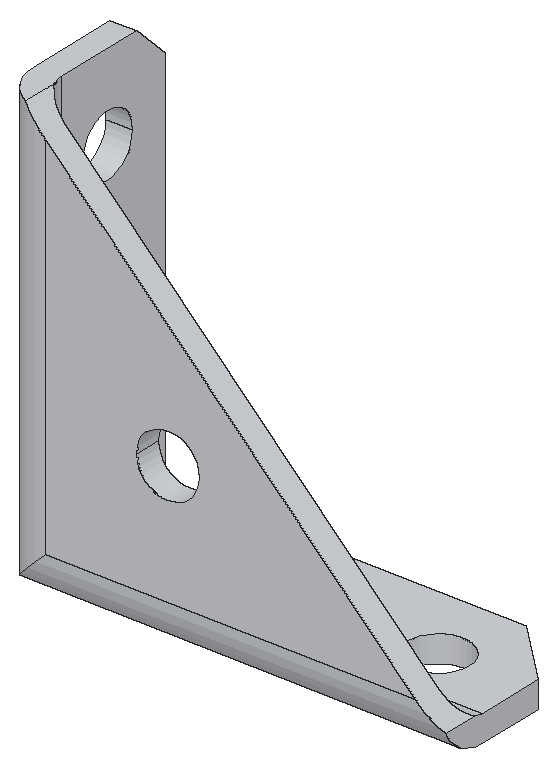
Revit family "Fitting-Ninety_Degree_Angle-Unistrut-P2484W", category Specialty Equipment, Revit 2012
Parameters
  ecoScorecard_data = "http://products.ecoscorecard.com/atkore/P2484W"
  ecoScorecard Product Page = "http://products.ecoscorecard.com/atkore/P2484W?action=html"
  Weight Per Piece = 1.34 lbf
  Unit = none
  Unistrut Part Number = "P2484W"  # constant formula
  URL = "http://unistrut.us/index.php"
  Thickness = 1/4"
  Subcategory = "Nintey Degree Angle Fittings"
  Product Page URL = "http://unistrut.us/index.php?WP=cat_detail&S=S05&P=P2484W"
  Part Type = "Fitting"  # constant formula
  Overall Width = 1 5/8"
  Overall Length = 4"
  Overall Height = 4"
  Model = "P2484W"
  Material = ""
  Manufacturer Phone - Toll Free = "800-882-5543"  # constant formula
  Manufacturer Phone = "708-339-1610"  # constant formula
  Manufacturer Fax = "708-339-7814"  # constant formula
  Manufacturer Email = "mailto:jshaw@atkore.com"
  Manufacturer Address = "16100 South Lathrop Avenue, Harvey, IL 60426"  # constant formula
  Manufacturer = "Unistrut by Atkore International"  # constant formula
  Load Capacity Note = "Visit the product page for load application and capacity."  # constant formula
  Literature URL = "http://unistrut.us/index.php?WP=LItLibrary"
  Hole Radius = Hole Diameter / 2  # 9/32"
  Hole Diameter = 9/16"
  Default Elevation = 0"
  Cost Info = "mailto:jshaw@atkore.com"
  Category = "Specialty Equipment"  # constant formula
  CAD URL = "http://unistrut.us/index.php?WP=CAD3d"
  Assembly Code = "D5020100"
  95 CSI = "16070"  # constant formula
  04 CSI = "26 05 48"  # constant formula
Reference planes (in)
  plane 1 "Center (Front/Back)": y = 0
  plane 2: z = 0
  plane 3 "Center (Left/Right)": x = 0
  plane 4: z = 4
  plane 5: x = 1.99213
  plane 6: x = -2.00787
  plane 7: y = 0.68501
  plane 8: y = -0.93999
  plane 9: x = 1.21865
  plane 10: x = -0.39184
  plane 11: x = -1.20043
  plane 12: z = 1.56891
  plane 13: x = -0.43886
Dimensions and locks (in)
  "Overall Width": plane 7 to plane 8
  "Overall Length": plane 6 to plane 5
  "Overall Height": plane 4 to plane 2
  aligned and locked: level to plane 2
Nested families (in)
  nested 1: "Fitting" at (0, -0.93999, 0) x (-1, 0, 0) z (0, 0, 1), type "Fitting"
Definition of nested family "Fitting"
  Parameters (values of type "Fitting")
    ecoScorecard_data = "http://products.ecoscorecard.com/atkore/P2094"
    ecoScorecard Product Page = "http://products.ecoscorecard.com/atkore/P2094?action=html"
    Unit = none
    URL = "http://unistrut.us/index.php"
    Thickness = 1/4"
    Overall Width = 1 5/8"
    Overall Length = 4"
    Overall Height = 4"
    Model = "P2270"
    Material = ""
    Manufacturer = "Atkore International"  # constant formula
    Load Capacity Note = "Visit the product page for load application and capacity."  # constant formula
    Literature URL = "http://unistrut.us/index.php?WP=LItLibrary"
    Hole Radius = Hole Diameter / 2  # 9/32"
    Hole Diameter = 9/16"
    Default Elevation = 48"
    CAD URL = "http://unistrut.us/index.php?WP=CAD3d"
    Assembly Code = "D5020100"
    Angle = 85.50°
  Reference planes (in)
    plane 1 "Center (Front/Back)": y = 0
    plane 2: z = 0
    plane 3 "Center (Left/Right)": x = 0
    plane 4: z = 4
    plane 5: x = -1.99213
    plane 6: x = 2.00787
    plane 7: y = 1.625
  Forms (in)
    Sweep 1, solid, material <- "Unit"
      path origin (0, 0, 0) x (1, 0, 0) y (0, 0, 1)
        loop
          line (-1.99213, 0) -> (2.00787, 0) -> (2.00787, 4)
      profile origin (2.00787, 0, 2) x (-1, 0, 0) y (0, -1, 0)
        loop
          arc (0.23622, -0.47244) -> (0.30541, -0.30541) -> (0.47244, -0.23622) r 0.23622
          line (0.47244, -0.23622) -> (0.47244, 0)
          arc (0.47244, 0) -> (0.13837, -0.13837) -> (0, -0.47244) r 0.47244
          line (0, -0.47244) -> (0, -1.625) -> (0.23622, -1.625) -> (0.23622, -0.47244)
    Extrusion 2, void
      sketch origin (0, 0, 0) x (1, 0, 0) y (0, 0, 1)
        loop
          line (-2.07037, 0.17372) -> (1.8029, 4.047) -> (-2.07037, 4.047) -> (-2.07037, 0.17372)
      from -3.69992 to 1.36887
    Extrusion 3, void
      sketch origin (0, -0.23437, 0) x (1, 0, 0) y (0, 1, 0)
        loop
          line (-2.00787, 1.29921) -> (-1.34093, 1.96616) -> (-2.00787, 1.96616) -> (-2.00787, 1.29921)
      from 0 to 0.23622
    Extrusion 4, void
      sketch origin (0, -0.04172, 0) x (1, 0, 0) y (0, 1, 0)
        loop
          circle (-1.21865, 0.98172) r 0.28125
        loop
          circle (0.39184, 0.98172) r 0.28125
        loop
          circle (1.20043, 0.98172) r 0.28125
      from -0.21768 to 0.47244
    Extrusion 5, void
      sketch origin (0, 0, 0) x (0, 1, 0) y (0, 0, 1)
        loop
          line (1.29921, 4.01575) -> (1.85039, 3.46457) -> (1.85039, 4.01575) -> (1.29921, 4.01575)
        loop
          circle (0.98859, 3.22821) r 0.28125
        loop
          circle (0.98859, 1.61327) r 0.28125
        loop
          circle (0.98468, 0.80752) r 0.28125
      from 1.60464 to 2.27318
    Extrusion 6, solid, material <- "Unit"
      sketch origin (0, 0, 0) x (1, 0, 0) y (0, 0, 1)
        loop
          line (1.53543, 0.47244) -> (1.53543, 3.77953) -> (-1.77165, 0.47244) -> (1.53543, 0.47244)
        loop
          circle (0.43886, 1.56891) r 0.28125
      from -0.23622 to 0
  Cuts and joins
    Extrusion 2, Extrusion 3, Extrusion 4, Extrusion 5 cuts Sweep 1
    joined: Sweep 1, Extrusion 6
  Dimensions and locks (in)
    plane 4 to level = 4"
    plane 5 to plane 6 = 4"
    plane 1 "Center (Front/Back)" to plane 7 = 1 5/8"
    plane 6 to plane 5 = 4"
    "Hole Radius": radius of Extrusion 4 sketch curve  (x3)
    "Hole Radius": radius of Extrusion 5 sketch curve  (x3)
    "Hole Radius": radius of Extrusion 6 sketch curve
    aligned and locked: level to plane 2
    aligned and locked: plane 6 to Sweep 1 sketch curve
    aligned and locked: Sweep 1 sketch curve to plane 7
  Automatic sketch dimensions
    Sweep 1 sketch curve to Sweep 1 sketch curve = 0"
    Sweep 1 sketch curve to profile plane = 0"
    plane 1 "Center (Front/Back)" to Sweep 1 sketch curve = 0"
    Sweep 1 sketch curve to profile plane = 0.23622"
    Sweep 1 sketch curve to Sweep 1 sketch curve = 0.23622"
    Extrusion 2 sketch curve to plane 3 "Center (Left/Right)" = 2.07037"
    plane 3 "Center (Left/Right)" to Extrusion 2 sketch curve = 1.8029"
    level to Extrusion 2 sketch curve = 0.17372"
    Extrusion 2 sketch curve to Extrusion 2 sketch curve = 3.87328"
    Extrusion 3 sketch curve to plane 3 "Center (Left/Right)" = 2.00787"
    Extrusion 3 sketch curve to Extrusion 3 sketch curve = 0.66694"  (x2)
    Extrusion 3 sketch curve to plane 1 "Center (Front/Back)" = 1.06484"
    Extrusion 4 sketch curve to plane 3 "Center (Left/Right)" = 1.21865"
    plane 3 "Center (Left/Right)" to Extrusion 4 sketch curve = 0.39184"
    Extrusion 4 sketch curve to Extrusion 4 sketch curve = 207/256"
    Extrusion 4 sketch curve to plane 1 "Center (Front/Back)" = 0.93999"  (x2)
    Extrusion 4 sketch curve to Extrusion 4 sketch curve = 0"
    Extrusion 5 sketch curve to plane 1 "Center (Front/Back)" = 0.98859"  (x2)
    Extrusion 5 sketch curve to Extrusion 5 sketch curve = 0.31062"
    Extrusion 5 sketch curve to Extrusion 5 sketch curve = 0.55118"  (x2)
    Extrusion 5 sketch curve to Extrusion 5 sketch curve = 0.80575"
    Extrusion 5 sketch curve to Extrusion 5 sketch curve = 1.61495"
    Extrusion 5 sketch curve to Extrusion 5 sketch curve = 0.23635"
    level to Extrusion 6 sketch curve = 0.47244"
    Extrusion 6 sketch curve to plane 3 "Center (Left/Right)" = 1.77165"
    plane 3 "Center (Left/Right)" to Extrusion 6 sketch curve = 0.43886"
    plane 3 "Center (Left/Right)" to Extrusion 6 sketch curve = 1.53543"
    level to Extrusion 6 sketch curve = 1.56891"
    Extrusion 6 sketch curve to Extrusion 6 sketch curve = 2.21062"
    Extrusion 5 sketch curve to Extrusion 5 sketch curve = 1/256"
    level to Extrusion 5 sketch curve = 0.80752"
    Sweep 1 sketch curve to level = 0"
    Sweep 1 sketch curve to plane 5 = 0"
    Sweep 1 sketch curve to plane 4 = 0"
